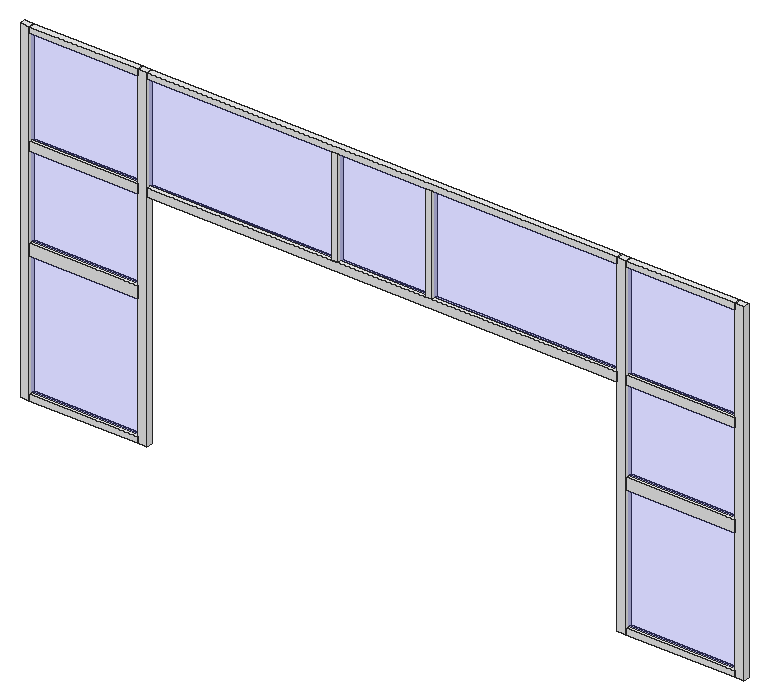
Revit family
Parameters (values of type "방풍실 문-1-1")
  프레임 = ""
  2프레임 = 상자 프레임
  철물 = ""
  Assembly Code = ""
  유리/마감 = ""
  유리 = 상자 유리
  위치/개소 = ""
  부호 = "2/AD"
  문번호 = "2"
  문기호 = "AD"
Reference planes
  plane 1 "중심(앞/뒤)": y = -200
  plane 2: z = 0
  plane 3 "중심(왼쪽/오른쪽)": x = 517.75
  plane 4: z = 5700
  plane 5: z = 100
  plane 6: z = 3800
  plane 7: z = 3950
  plane 8: z = 5600
  plane 9: z = 4030
  plane 10: z = 2370
  plane 11: x = 4517.75
  plane 12: x = 6667.75
  plane 13: x = 4667.75
  plane 14: x = 4517.75
  plane 15: x = 4517.75
  plane 16: x = -3482.25
  plane 17: x = -5632.25
  plane 18: x = -3482.25
  plane 19: x = -5482.25
  plane 20: x = -5632.25
  plane 21: x = -332.25
  plane 22: x = 1367.75
  plane 23: x = -232.25
  plane 24: x = 1267.75
  plane 25: y = -150
  plane 26: y = -250
  plane 27: y = -212.5
  plane 28: y = -187.5
  plane 29: x = -282.25
  plane 30: x = 1317.75
  plane 31: x = 6517.75
  plane 32: x = -3632.25
  plane 33: z = 2200
  plane 34: z = 2400
Forms (mm)
  Extrusion 1, solid, material "상자 프레임" <- "2프레임"
    sketch origin (8971.617, -1796.317, 0) x (0, 1, 0) y (-1, 0, 0)
      loop
        line (1546.317, 4303.868) -> (1546.317, 2453.868) -> (1646.317, 2453.868) -> (1646.317, 4303.868) -> (1546.317, 4303.868)
    from 0 to 100
  Extrusion 2, solid, material "상자 프레임" <- "2프레임"
    sketch origin (8718.044, -1642.596, -140) x (0, 1, 0) y (-1, 0, 0)
      loop
        line (1392.596, 4050.295) -> (1392.596, 2200.295) -> (1492.596, 2200.295) -> (1492.596, 4050.295) -> (1392.596, 4050.295)
    from 3940 to 4090
  Extrusion 3, solid, material "상자 프레임" <- "2프레임"
    sketch origin (8718.044, -1642.596, 300) x (0, 1, 0) y (-1, 0, 0)
      loop
        line (1492.596, 4050.295) -> (1392.596, 4050.295) -> (1392.596, 2200.295) -> (1492.596, 2200.295) -> (1492.596, 4050.295)
    from 5300 to 5400
  Extrusion 4, solid, material "상자 프레임" <- "2프레임"
    sketch origin (8971.617, -1796.317, 0) x (0, 1, 0) y (-1, 0, 0)
      loop
        line (1646.317, 4453.868) -> (1546.317, 4453.868) -> (1546.317, 4303.868) -> (1646.317, 4303.868) -> (1646.317, 4453.868)
    from 0 to 5700
  Extrusion 5, solid, material "상자 유리" <- "유리"
    sketch origin (8971.617, -1796.317, 0) x (0, 1, 0) y (-1, 0, 0)
      loop
        line (1583.817, 2453.868) -> (1608.817, 2453.868) -> (1608.817, 4303.868) -> (1583.817, 4303.868) -> (1583.817, 2453.868)
    from 100 to 2200
  Extrusion 6, solid, material "상자 유리" <- "유리"
    sketch origin (8718.044, -1642.596, 0) x (0, 1, 0) y (-1, 0, 0)
      loop
        line (1430.096, 2200.295) -> (1455.096, 2200.295) -> (1455.096, 4050.295) -> (1430.096, 4050.295) -> (1430.096, 2200.295)
    from 3950 to 5600
  Extrusion 7, solid, material "상자 프레임" <- "2프레임"
    sketch origin (1063.882, -1796.317, 0) x (0, 1, 0) y (-1, 0, 0)
      loop
        line (1646.317, -5603.868) -> (1646.317, -5453.868) -> (1546.317, -5453.868) -> (1546.317, -5603.868) -> (1646.317, -5603.868)
    from 0 to 5700
  Extrusion 8, solid, material "상자 프레임" <- "2프레임"
    sketch origin (-1178.383, -1796.317, 0) x (0, 1, 0) y (-1, 0, 0)
      loop
        line (1546.317, 4303.868) -> (1546.317, 2453.868) -> (1646.317, 2453.868) -> (1646.317, 4303.868) -> (1546.317, 4303.868)
    from 0 to 100
  Extrusion 9, solid, material "상자 프레임" <- "2프레임"
    sketch origin (-1431.956, -1642.596, -140) x (0, 1, 0) y (-1, 0, 0)
      loop
        line (1392.596, 4050.295) -> (1392.596, 2200.295) -> (1492.596, 2200.295) -> (1492.596, 4050.295) -> (1392.596, 4050.295)
    from 3940 to 4090
  Extrusion 10, solid, material "상자 프레임" <- "2프레임"
    sketch origin (-1431.956, -1642.596, 300) x (0, 1, 0) y (-1, 0, 0)
      loop
        line (1492.596, 4050.295) -> (1392.596, 4050.295) -> (1392.596, 2200.295) -> (1492.596, 2200.295) -> (1492.596, 4050.295)
    from 5300 to 5400
  Extrusion 11, solid, material "상자 프레임" <- "2프레임"
    sketch origin (-1178.383, -1796.317, 0) x (0, 1, 0) y (-1, 0, 0)
      loop
        line (1646.317, 4453.868) -> (1546.317, 4453.868) -> (1546.317, 4303.868) -> (1646.317, 4303.868) -> (1646.317, 4453.868)
    from 0 to 5700
  Extrusion 12, solid, material "상자 유리" <- "유리"
    sketch origin (-1178.383, -1796.317, 0) x (0, 1, 0) y (-1, 0, 0)
      loop
        line (1583.817, 2453.868) -> (1608.817, 2453.868) -> (1608.817, 4303.868) -> (1583.817, 4303.868) -> (1583.817, 2453.868)
    from 100 to 2200
  Extrusion 13, solid, material "상자 유리" <- "유리"
    sketch origin (-1431.956, -1642.596, 0) x (0, 1, 0) y (-1, 0, 0)
      loop
        line (1430.096, 2200.295) -> (1455.096, 2200.295) -> (1455.096, 4050.295) -> (1430.096, 4050.295) -> (1430.096, 2200.295)
    from 3950 to 5600
  Extrusion 14, solid, material "상자 프레임" <- "2프레임"
    sketch origin (-9086.118, -1796.317, 0) x (0, 1, 0) y (-1, 0, 0)
      loop
        line (1646.317, -5603.868) -> (1646.317, -5453.868) -> (1546.317, -5453.868) -> (1546.317, -5603.868) -> (1646.317, -5603.868)
    from 0 to 5700
  Extrusion 15, solid, material "상자 프레임" <- "2프레임"
    sketch origin (-1234.03, -1524, 4000) x (0, -1, 0) y (-1, 0, 0)
      loop
        line (-1274, 2248.22) -> (-1374, 2248.22) -> (-1374, -5751.78) -> (-1274, -5751.78) -> (-1274, 2248.22)
    from 50 to 200
  Extrusion 16, solid, material "상자 프레임" <- "2프레임"
    sketch origin (-1234.03, -1524, 5640) x (0, -1, 0) y (-1, 0, 0)
      loop
        line (-1274, 2248.22) -> (-1374, 2248.22) -> (-1374, -5751.78) -> (-1274, -5751.78) -> (-1274, 2248.22)
    from 40 to -60
  Extrusion 17, solid, material "상자 프레임" <- "2프레임"
    sketch origin (-1234.03, -1524, 3950) x (0, -1, 0) y (-1, 0, 0)
      loop
        line (-1374, -901.78) -> (-1374, -1001.78) -> (-1274, -1001.78) -> (-1274, -901.78) -> (-1374, -901.78)
      loop
        line (-1374, -2501.78) -> (-1374, -2601.78) -> (-1274, -2601.78) -> (-1274, -2501.78) -> (-1374, -2501.78)
    from 0 to -1650
  Extrusion 18, solid, material "상자 유리" <- "유리"
    sketch origin (-1234.03, -1524, 3950) x (0, -1, 0) y (-1, 0, 0)
      loop
        line (-1311.5, 2248.22) -> (-1336.5, 2248.22) -> (-1336.5, -901.78) -> (-1311.5, -901.78) -> (-1311.5, 2248.22)
      loop
        line (-1311.5, -1001.78) -> (-1336.5, -1001.78) -> (-1336.5, -2501.78) -> (-1311.5, -2501.78) -> (-1311.5, -1001.78)
      loop
        line (-1311.5, -2601.78) -> (-1336.5, -2601.78) -> (-1336.5, -5751.78) -> (-1311.5, -5751.78) -> (-1311.5, -2601.78)
    from 0 to -1650
  Extrusion 19, solid, material "상자 프레임" <- "2프레임"
    sketch origin (8718.044, -1642.596, -1740) x (0, 1, 0) y (-1, 0, 0)
      loop
        line (1392.596, 4050.295) -> (1392.596, 2200.295) -> (1492.596, 2200.295) -> (1492.596, 4050.295) -> (1392.596, 4050.295)
    from 3940 to 4140
  Extrusion 20, solid, material "상자 프레임" <- "2프레임"
    sketch origin (-1431.956, -1642.596, -1740) x (0, 1, 0) y (-1, 0, 0)
      loop
        line (1392.596, 4050.295) -> (1392.596, 2200.295) -> (1492.596, 2200.295) -> (1492.596, 4050.295) -> (1392.596, 4050.295)
    from 3940 to 4140
  Extrusion 21, solid, material "상자 유리" <- "유리"
    sketch origin (-1431.956, -1642.596, -1800) x (0, 1, 0) y (-1, 0, 0)
      loop
        line (1430.096, 2200.295) -> (1455.096, 2200.295) -> (1455.096, 4050.295) -> (1430.096, 4050.295) -> (1430.096, 2200.295)
    from 4200 to 5600
  Extrusion 22, solid, material "상자 유리" <- "유리"
    sketch origin (2467.455, -1642.596, -1800) x (0, 1, 0) y (-1, 0, 0)
      loop
        line (1430.096, -2200.295) -> (1430.096, -4050.295) -> (1455.096, -4050.295) -> (1455.096, -2200.295) -> (1430.096, -2200.295)
    from 4200 to 5600
Dimensions and locks
  plane 5 to plane 2 = 100 mm
  plane 10 to plane 9 = 1660 mm
  plane 7 to plane 9 = 80 mm
  plane 6 to plane 9 = 230 mm
  locked: plane 11 to plane 13 at 150
  plane 7 to plane 6 = 150 mm  (x2)
  plane 4 to plane 7 = 1750 mm
  plane 4 to plane 2 = 5700 mm
  Extrusion 3 to Extrusion 2 = 1900 mm
  plane 17 to plane 19 = 150 mm
  plane 4 to plane 8 = 100 mm
  plane 20 to plane 19 = 150 mm
  Extrusion 14 to Extrusion 14 = 150 mm
  Extrusion 4 to plane 13 = 150 mm
  Extrusion 7 to plane 12 = 150 mm
  plane 17 to plane 12 = 12300 mm
  plane 17 to plane 18 = 2150 mm
  plane 15 to plane 12 = 2150 mm
  plane 21 to plane 23 = 100 mm
  plane 24 to plane 22 = 100 mm
  equal spacing: plane 21, plane 29, plane 23
  equal spacing: plane 24, plane 30, plane 22
  plane 29 to plane 30 = 1600 mm
  plane 18 to plane 29 = 3200 mm
  plane 30 to plane 15 = 3200 mm
  plane 25 to plane 26 = 100 mm
  plane 25 to plane 1 "중심(앞/뒤)" to plane 26 = 50 mm, 50 mm
  locked: plane 31 to plane 12 at 150
  plane 32 to plane 18 = 150 mm
  plane 6 to plane 2 = 3800 mm
  plane 4 to plane 6 = 1900 mm
  plane 33 to plane 2 = 2200 mm
  plane 34 to plane 33 = 200 mm
  aligned and locked: Extrusion 3 to plane 4
  aligned and locked: plane 8 to Extrusion 3
  aligned and locked: Extrusion 2 to plane 7
  aligned and locked: plane 7 to Extrusion 6
  aligned and locked: plane 14 to Extrusion 4
  aligned and locked: plane 13 to Extrusion 5
  aligned and locked: Extrusion 1 to Extrusion 7
  aligned and locked: Extrusion 5 to Extrusion 7
  aligned and locked: Extrusion 3 to Extrusion 7
  aligned and locked: Extrusion 3 to Extrusion 4
  aligned and locked: Extrusion 2 to Extrusion 3
  aligned and locked: Extrusion 7 to plane 4
  aligned and locked: Extrusion 4 to plane 4
  aligned and locked: plane 6 to Extrusion 2
  aligned and locked: Extrusion 1 to Extrusion 4
  aligned and locked: Extrusion 6 to plane 8
  aligned and locked: plane 20 to Extrusion 11
  aligned and locked: plane 19 to Extrusion 12
  aligned and locked: Extrusion 8 to Extrusion 14
  aligned and locked: Extrusion 12 to Extrusion 14
  aligned and locked: Extrusion 10 to Extrusion 14
  aligned and locked: Extrusion 10 to Extrusion 11
  aligned and locked: Extrusion 9 to Extrusion 10
  aligned and locked: Extrusion 8 to Extrusion 11
  aligned and locked: Extrusion 14 to Extrusion 15 sketch curve
  aligned and locked: Extrusion 15 sketch curve to Extrusion 14
  aligned and locked: Extrusion 15 sketch curve to Extrusion 4  (x2)
  aligned and locked: plane 21 to Extrusion 17 sketch curve
  aligned and locked: plane 25 to Extrusion 17 sketch curve  (x2)
  aligned and locked: plane 26 to Extrusion 17 sketch curve  (x2)
  aligned and locked: plane 23 to Extrusion 17 sketch curve
  aligned and locked: plane 24 to Extrusion 17 sketch curve
  aligned and locked: plane 22 to Extrusion 17 sketch curve
  aligned and locked: Extrusion 17 to plane 8
  aligned and locked: plane 27 to Extrusion 18 sketch curve  (x3)
  aligned and locked: plane 28 to Extrusion 18 sketch curve  (x3)
  aligned and locked: plane 21 to Extrusion 18 sketch curve
  aligned and locked: plane 23 to Extrusion 18 sketch curve
  aligned and locked: Extrusion 18 sketch curve to plane 24
  aligned and locked: plane 22 to Extrusion 18 sketch curve
  aligned and locked: Extrusion 18 to plane 8
  aligned and locked: plane 6 to Extrusion 15
  aligned and locked: Extrusion 15 to plane 7
  aligned and locked: plane 6 to Extrusion 9
  aligned and locked: Extrusion 9 to plane 7
  aligned and locked: plane 7 to Extrusion 13
  aligned and locked: Extrusion 16 to Extrusion 18
  aligned and locked: Extrusion 16 to plane 4
  aligned and locked: plane 8 to Extrusion 10
  aligned and locked: Extrusion 10 to plane 4
  aligned and locked: Extrusion 13 to plane 8
  aligned and locked: Extrusion 14 to plane 4
  aligned and locked: plane 18 to Extrusion 18 sketch curve
  aligned and locked: plane 15 to Extrusion 18 sketch curve
  aligned and locked: plane 31 to Extrusion 1
  aligned and locked: plane 32 to Extrusion 8
  aligned and locked: Extrusion 5 to Extrusion 2
  aligned and locked: Extrusion 12 to Extrusion 9
  aligned and locked: Extrusion 2 to Extrusion 6
  aligned and locked: Extrusion 9 to Extrusion 13
  aligned and locked: Extrusion 8 to plane 5
  aligned and locked: Extrusion 1 to plane 5
  aligned and locked: plane 5 to Extrusion 5
  aligned and locked: Extrusion 12 to plane 5
  aligned and locked: Extrusion 11 to plane 4
  aligned and locked: plane 34 to Extrusion 20
  aligned and locked: plane 34 to Extrusion 19
  aligned and locked: plane 33 to Extrusion 12
  aligned and locked: plane 33 to Extrusion 5
  aligned and locked: Extrusion 21 to Extrusion 20
Automatic sketch dimensions
  Extrusion 1 sketch curve to plane 26 = 0 mm
  Extrusion 1 sketch curve to plane 25 = 0 mm
  Extrusion 1 sketch curve to plane 31 = 0 mm
  Extrusion 1 sketch curve to plane 13 = 0 mm
  Extrusion 2 sketch curve to plane 26 = 0 mm
  Extrusion 2 sketch curve to plane 25 = 0 mm
  Extrusion 2 sketch curve to plane 31 = 0 mm
  Extrusion 2 sketch curve to plane 13 = 0 mm
  Extrusion 3 sketch curve to plane 13 = 0 mm
  Extrusion 3 sketch curve to plane 26 = 0 mm
  Extrusion 3 sketch curve to plane 25 = 0 mm
  Extrusion 3 sketch curve to plane 31 = 0 mm
  Extrusion 4 sketch curve to plane 11 = 0 mm
  Extrusion 4 sketch curve to plane 26 = 0 mm
  Extrusion 4 sketch curve to plane 13 = 0 mm
  Extrusion 4 sketch curve to plane 25 = 0 mm
  Extrusion 5 sketch curve to plane 13 = 0 mm
  Extrusion 5 sketch curve to plane 27 = 0 mm
  Extrusion 5 sketch curve to plane 28 = 0 mm
  Extrusion 5 sketch curve to plane 31 = 0 mm
  Extrusion 6 sketch curve to plane 13 = 0 mm
  Extrusion 6 sketch curve to plane 27 = 0 mm
  Extrusion 6 sketch curve to plane 28 = 0 mm
  Extrusion 6 sketch curve to plane 31 = 0 mm
  Extrusion 7 sketch curve to plane 12 = 0 mm
  Extrusion 7 sketch curve to plane 26 = 0 mm
  Extrusion 7 sketch curve to plane 25 = 0 mm
  Extrusion 7 sketch curve to plane 31 = 0 mm
  Extrusion 8 sketch curve to plane 26 = 0 mm
  Extrusion 8 sketch curve to plane 25 = 0 mm
  Extrusion 8 sketch curve to plane 32 = 0 mm
  Extrusion 8 sketch curve to plane 19 = 0 mm
  Extrusion 9 sketch curve to plane 26 = 0 mm
  Extrusion 9 sketch curve to plane 25 = 0 mm
  Extrusion 9 sketch curve to plane 32 = 0 mm
  Extrusion 9 sketch curve to plane 19 = 0 mm
  Extrusion 10 sketch curve to plane 19 = 0 mm
  Extrusion 10 sketch curve to plane 26 = 0 mm
  Extrusion 10 sketch curve to plane 25 = 0 mm
  Extrusion 10 sketch curve to plane 32 = 0 mm
  Extrusion 11 sketch curve to plane 17 = 0 mm
  Extrusion 11 sketch curve to plane 26 = 0 mm
  Extrusion 11 sketch curve to plane 19 = 0 mm
  Extrusion 11 sketch curve to plane 25 = 0 mm
  Extrusion 12 sketch curve to plane 19 = 0 mm
  Extrusion 12 sketch curve to plane 27 = 0 mm
  Extrusion 12 sketch curve to plane 28 = 0 mm
  Extrusion 12 sketch curve to plane 32 = 0 mm
  Extrusion 13 sketch curve to plane 19 = 0 mm
  Extrusion 13 sketch curve to plane 27 = 0 mm
  Extrusion 13 sketch curve to plane 28 = 0 mm
  Extrusion 13 sketch curve to plane 32 = 0 mm
  Extrusion 14 sketch curve to plane 16 = 0 mm
  Extrusion 14 sketch curve to plane 26 = 0 mm
  Extrusion 14 sketch curve to plane 25 = 0 mm
  Extrusion 14 sketch curve to plane 32 = 0 mm
  Extrusion 16 sketch curve to plane 16 = 0 mm
  Extrusion 16 sketch curve to plane 25 = 0 mm
  Extrusion 16 sketch curve to plane 26 = 0 mm
  Extrusion 16 sketch curve to plane 11 = 0 mm
  Extrusion 19 sketch curve to plane 26 = 0 mm
  Extrusion 19 sketch curve to plane 25 = 0 mm
  Extrusion 19 sketch curve to plane 31 = 0 mm
  Extrusion 19 sketch curve to plane 13 = 0 mm
  Extrusion 20 sketch curve to plane 26 = 0 mm
  Extrusion 20 sketch curve to plane 25 = 0 mm
  Extrusion 20 sketch curve to plane 32 = 0 mm
  Extrusion 20 sketch curve to plane 19 = 0 mm
  Extrusion 21 sketch curve to plane 19 = 0 mm
  Extrusion 21 sketch curve to plane 27 = 0 mm
  Extrusion 21 sketch curve to plane 28 = 0 mm
  Extrusion 21 sketch curve to plane 32 = 0 mm
  Extrusion 22 sketch curve to plane 27 = 0 mm
  Extrusion 22 sketch curve to plane 28 = 0 mm
  Extrusion 22 sketch curve to plane 31 = 0 mm
  Extrusion 22 sketch curve to plane 13 = 0 mm
